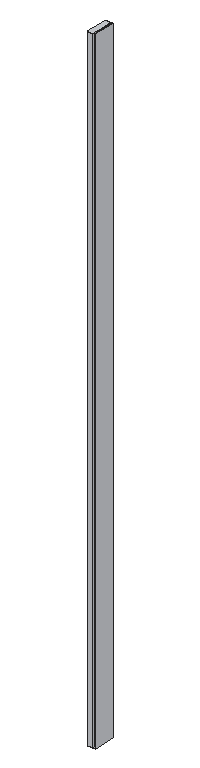
Revit family "Haworth_Enclose_Accessories_WallStart", category Furniture Systems, Revit 2018
Family settings
  Round Connector Dimension = Use Diameter
  Part Type = Normal
  OmniClass Number = 23.25.40.14
  OmniClass Title = Demountable Partitions
  Work Plane-Based = No
  Always vertical = Yes
  Cut with Voids When Loaded = No
  Shared = No
  Room Calculation Point = No
Parameters (values of type "Low Profile")
  Type Comments = ""
  Model = "Haworth - Enclose Accessories"  # constant formula
  Min/ Max Height = "84-144 in."  # constant formula
  Min. Height = 84"  # constant formula
  Max. Height = 144"  # constant formula
  Low Profile = not(Adjustable Profile)  # yes
  Description = "Wall - Start"  # constant formula
  Adjustable Width = if(Low Profile, 0.315", 0.82")  # 0.315"
  Sustainability Info = "http://www.haworth.com/company-info/sustainablility"
  Material Options = "http://surfaces.haworth.com/haworth-surface-collection"
  Warranty = "http://www.haworth.com/resources/product-info/warranties"
  Width = if(Low Profile, 0.875", 1.42")  # 0.875"
  URL - Product = "http://www.haworth.com/products/architectural-interiors/moveable-walls/enclose"
  URL = "www.haworth.com"
  Revision Number = "3"  # constant formula
  Manufacturer = "Haworth"  # constant formula
  Height = 108"
  Depth = 4"  # constant formula
  Author = "SHAPE Environments, LLC"  # constant formula
  Assembly Code = "C1010200"
  Adjustable Profile = no
  Actual Height = if(Height < Min. Height, Min. Height, if(Height > Max. Height, Max. Height, Height))  # 108"
Types (2): name | Low Profile | Adjustable Width | Width | Adjustable Profile
  Low Profile | yes | 0.315" | 0.875" | no
  Adjustable | no | 0.82" | 1.42" | yes
Reference planes (in)
  plane 1 "Center F/B": y = 0.61031
  plane 2: z = 0
  plane 3 "Center L/R": x = 1.1802
  plane 4: y = 2.61031
  plane 5: y = -1.38969
  plane 6: x = 2.0552
  plane 7 "Top": z = 108
Forms (in)
  Extrusion 1, solid
    sketch origin (0, 0, 0) x (1, 0, 0) y (0, 1, 0)
      loop
        line (2.0552, 2.41031) -> (2.0552, -1.18969) -> (2.3702, -1.18969) -> (2.3702, 2.41031) -> (2.0552, 2.41031)
    from 0 to 108
  Extrusion 2, solid
    sketch origin (0, 0, 0) x (1, 0, 0) y (0, 1, 0)
      loop
        line (1.1802, 2.61031) -> (1.1802, 2.41531) -> (1.0252, 2.41531) -> (1.0252, -1.19469) -> (1.1802, -1.19469) -> (1.1802, -1.38969) -> (2.0552, -1.38969) -> (2.0552, 2.61031) -> (1.1802, 2.61031)
    from 0 to 108
Dimensions and locks (in)
  "Width": plane 3 "Center L/R" to plane 6
  "Depth": plane 4 to plane 5
  equal spacing: plane 4, plane 1 "Center F/B", plane 5
  "Height": plane 7 "Top" to plane 2
  "Actual Height": plane 7 "Top" to level
  locked: plane 4 to Extrusion 1 sketch curve at 0.2
  locked: Extrusion 1 sketch curve to plane 5 at 0.2
  "Adjustable Width": plane 6 to Extrusion 1
  locked: Extrusion 2 sketch curve to Extrusion 2 sketch curve at 0.155
  locked: Extrusion 2 sketch curve to Extrusion 2 sketch curve at 0.195  (x2)
  aligned and locked: plane 6 to Extrusion 1 sketch curve
  aligned and locked: plane 7 "Top" to Extrusion 1
  aligned and locked: Extrusion 2 sketch curve to plane 4
  aligned and locked: Extrusion 2 sketch curve to plane 5
  aligned and locked: Extrusion 2 sketch curve to plane 3 "Center L/R"  (x2)
  aligned and locked: plane 7 "Top" to Extrusion 2
Automatic sketch dimensions
  Extrusion 1 sketch curve to Extrusion 1 sketch curve = 0.315"
  Extrusion 2 sketch curve to plane 6 = 0"
